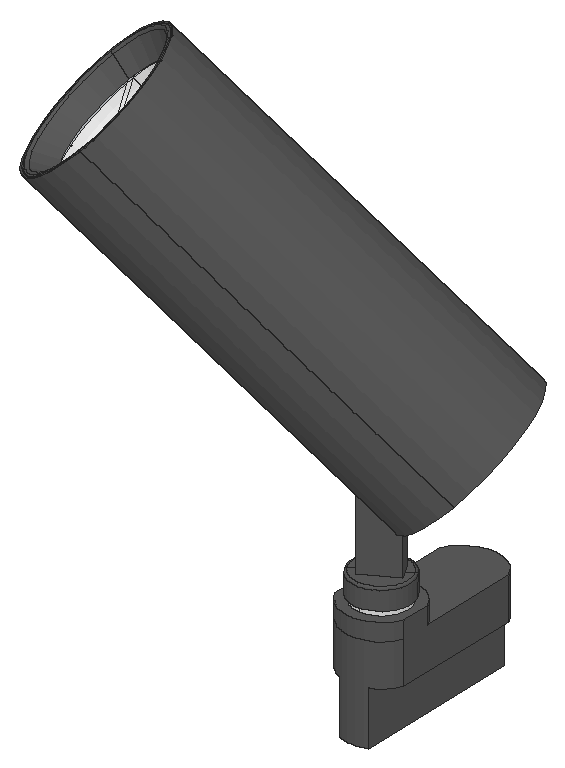
Revit family "0005443", category Lighting Fixtures, host Face, Revit 2017 (continued)
Definition of nested family "START Track Spot Integral Head"
  Types (3, lengths in mm): name | Photometric Web File | built-in parameter 1150142
    0005443 - 36 | "0005443_36.ies" | "IESNA:LM-63-2002\r\n[TEST] 202010557\r\n[TESTLAB] \r\n[TESTDATE] 26 May 2020\r\n[ISSUEDATE] 26 May 2020\r\n[MANUFAC] Sylvania\r\n[LUMCAT] 202010557\r\n[LUMINAIRE] FT1080-B-3000£¨36¡ã£©\r\n[FLASHAREA] 0.000985\r\n[LAMPCAT] 202010557\r\n[LAMP] LED 32W - 30.82 W\r\nTILT=NONE\r\n1 2575.20 1.0 181 4 1 2 -0.072 -0.072 0.000\r\n1.00 1.00 30.82\r\n0.00 1.00 2.00 3.00 4.00 5.00 6.00 7.00 8.00 9.00 10.00 \r\n11.00 12.00 13.00 14.00 15.00 16.00 17.00 18.00 19.00 \r\n20.00 21.00 22.00 23.00 24.00 25.00 26.00 27.00 28.00 \r\n29.00 30.00 31.00 32.00 33.00 34.00 35.00 36.00 37.00 \r\n38.00 39.00 40.00 41.00 42.00 43.00 44.00 45.00 46.00 \r\n47.00 48.00 49.00 50.00 51.00 52.00 53.00 54.00 55.00 \r\n56.00 57.00 58.00 59.00 60.00 61.00 62.00 63.00 64.00 \r\n65.00 66.00 67.00 68.00 69.00 70.00 71.00 72.00 73.00 \r\n74.00 75.00 76.00 77.00 78.00 79.00 80.00 81.00 82.00 \r\n83.00 84.00 85.00 86.00 87.00 88.00 89.00 90.00 91.00 \r\n92.00 93.00 94.00 95.00 96.00 97.00 98.00 99.00 100.00 \r\n101.00 102.00 103.00 104.00 105.00 106.00 107.00 108.00 \r\n109.00 110.00 111.00 112.00 113.00 114.00 115.00 116.00 \r\n117.00 118.00 119.00 120.00 121.00 122.00 123.00 124.00 \r\n125.00 126.00 127.00 128.00 129.00 130.00 131.00 132.00 \r\n133.00 134.00 135.00 136.00 137.00 138.00 139.00 140.00 \r\n141.00 142.00 143.00 144.00 145.00 146.00 147.00 148.00 \r\n149.00 150.00 151.00 152.00 153.00 154.00 155.00 156.00 \r\n157.00 158.00 159.00 160.00 161.00 162.00 163.00 164.00 \r\n165.00 166.00 167.00 168.00 169.00 170.00 171.00 172.00 \r\n173.00 174.00 175.00 176.00 177.00 178.00 179.00 180.00 \r\n0.00 30.00 60.00 90.00 \r\n6235.57 6297.02 6270.62 6213.64 6137.07 6033.11 5901.19 \r\n5734.91 5543.58 5333.97 5099.97 4855.83 4594.24 4337.76 \r\n4070.12 3787.01 3504.39 3229.68 2961.17 2703.88 2456.30 \r\n2220.12 1984.67 1773.16 1568.28 1372.08 1202.80 1050.29 \r\n910.21 790.10 680.40 579.74 495.41 421.76 359.08 300.62 \r\n253.15 214.36 181.93 156.20 132.78 116.13 101.55 89.92 \r\n81.20 74.03 68.63 64.34 61.05 58.52 56.31 54.20 52.42 \r\n50.71 49.08 47.47 45.91 44.50 42.79 40.79 38.65 36.55 \r\n34.43 32.39 30.28 28.23 26.14 23.95 21.73 19.51 17.34 \r\n15.10 12.99 10.79 8.49 6.78 5.51 4.39 3.35 2.33 1.43 0.64 \r\n0.27 0.03 0.01 0.01 0.01 0.01 0.01 0.01 0.01 0.01 0.01 \r\n0.01 0.02 0.01 0.01 0.01 0.01 0.01 0.02 0.02 0.02 0.02 \r\n0.02 0.02 0.02 0.02 0.02 0.02 0.02 0.00 0.00 0.00 0.00 \r\n0.00 0.00 0.00 0.00 0.00 0.00 0.00 0.00 0.00 0.00 0.00 \r\n0.00 0.00 0.00 0.00 0.00 0.00 0.00 0.00 0.00 0.00 0.00 \r\n0.00 0.00 0.00 0.00 0.00 0.00 0.00 0.00 0.00 0.00 0.00 \r\n0.00 0.00 0.00 0.00 0.00 0.00 0.00 0.00 0.00 0.00 0.00 \r\n0.00 0.00 0.00 0.00 0.00 0.00 0.00 0.00 0.00 0.00 0.00 \r\n0.00 0.00 0.00 0.00 0.00 0.00 0.00 0.00 0.00 0.00 0.00 \r\n6235.57 6255.03 6224.68 6173.76 6100.85 5996.27 5862.40 \r\n5701.06 5510.41 5300.62 5071.97 4827.48 4569.46 4309.75 \r\n4040.25 3761.82 3493.01 3220.41 2951.63 2692.75 2445.72 \r\n2210.63 1983.66 1771.73 1566.51 1380.09 1213.91 1062.14 \r\n928.31 802.19 691.28 592.87 508.10 434.92 367.46 312.42 \r\n263.59 220.91 187.33 159.44 135.80 116.86 102.09 90.44 \r\n80.64 73.41 68.26 63.83 60.70 58.17 56.13 54.33 52.60 \r\n50.87 49.26 47.70 46.12 44.54 42.85 40.87 38.74 36.45 \r\n34.29 32.18 30.05 27.94 25.81 23.64 21.50 19.31 17.14 \r\n15.01 12.89 10.73 8.57 6.80 5.50 4.36 3.32 2.33 1.45 0.75 \r\n0.29 0.10 0.02 0.01 0.01 0.01 0.01 0.01 0.01 0.01 0.01 \r\n0.01 0.01 0.01 0.01 0.01 0.01 0.01 0.02 0.02 0.02 0.02 \r\n0.02 0.02 0.02 0.02 0.02 0.02 0.02 0.00 0.00 0.00 0.00 \r\n0.00 0.00 0.00 0.00 0.00 0.00 0.00 0.00 0.00 0.00 0.00 \r\n0.00 0.00 0.00 0.00 0.00 0.00 0.00 0.00 0.00 0.00 0.00 \r\n0.00 0.00 0.00 0.00 0.00 0.00 0.00 0.00 0.00 0.00 0.00 \r\n0.00 0.00 0.00 0.00 0.00 0.00 0.00 0.00 0.00 0.00 0.00 \r\n0.00 0.00 0.00 0.00 0.00 0.00 0.00 0.00 0.00 0.00 0.00 \r\n0.00 0.00 0.00 0.00 0.00 0.00 0.00 0.00 0.00 0.00 0.00 \r\n6235.57 6237.15 6206.04 6158.21 6082.88 5976.81 5843.68 \r\n5678.91 5495.58 5291.14 5065.70 4822.95 4570.73 4312.17 \r\n4045.79 3771.00 3498.82 3229.70 2962.21 2706.05 2460.09 \r\n2225.38 2000.50 1786.80 1589.86 1402.51 1233.81 1083.47 \r\n946.23 821.98 708.77 609.27 524.20 448.49 383.72 323.04 \r\n273.37 231.19 197.20 167.44 143.82 124.83 108.57 95.65 \r\n85.73 77.88 71.87 67.10 63.52 60.56 58.20 56.15 54.24 \r\n52.31 50.42 48.60 46.79 45.01 43.16 40.98 38.81 36.43 \r\n34.22 32.06 29.92 27.79 25.64 23.49 21.36 19.21 17.09 \r\n14.95 12.84 10.66 8.58 6.90 5.60 4.46 3.40 2.39 1.50 0.81 \r\n0.31 0.09 0.02 0.01 0.01 0.01 0.01 0.01 0.01 0.01 0.01 \r\n0.01 0.01 0.01 0.01 0.01 0.01 0.01 0.01 0.01 0.01 0.02 \r\n0.02 0.02 0.02 0.02 0.02 0.02 0.02 0.00 0.00 0.00 0.00 \r\n0.00 0.00 0.00 0.00 0.00 0.00 0.00 0.00 0.00 0.00 0.00 \r\n0.00 0.00 0.00 0.00 0.00 0.00 0.00 0.00 0.00 0.00 0.00 \r\n0.00 0.00 0.00 0.00 0.00 0.00 0.00 0.00 0.00 0.00 0.00 \r\n0.00 0.00 0.00 0.00 0.00 0.00 0.00 0.00 0.00 0.00 0.00 \r\n0.00 0.00 0.00 0.00 0.00 0.00 0.00 0.00 0.00 0.00 0.00 \r\n0.00 0.00 0.00 0.00 0.00 0.00 0.00 0.00 0.00 0.00 0.00 \r\n6235.57 6224.92 6193.86 6146.70 6073.13 5968.38 5835.28 \r\n5668.31 5485.13 5282.55 5061.44 4823.58 4574.35 4318.85 \r\n4053.79 3781.75 3508.05 3233.50 2969.25 2711.43 2464.48 \r\n2229.31 2004.08 1787.34 1583.81 1400.28 1234.37 1082.18 \r\n943.61 817.39 704.00 607.26 522.11 449.12 383.02 328.54 \r\n276.50 235.53 200.61 172.99 148.94 129.93 113.23 100.64 \r\n90.64 81.70 74.88 69.79 65.72 62.41 59.55 57.24 54.97 \r\n52.76 50.69 48.80 46.92 45.12 43.30 41.21 39.01 36.78 \r\n34.59 32.39 30.24 28.06 25.93 23.76 21.57 19.40 17.22 \r\n15.04 12.85 10.67 8.50 6.72 5.43 4.31 3.25 2.27 1.38 0.67 \r\n0.24 0.09 0.01 0.01 0.01 0.01 0.00 0.00 0.00 0.00 0.00 \r\n0.00 0.00 0.01 0.01 0.00 0.01 0.01 0.01 0.01 0.01 0.01 \r\n0.01 0.01 0.01 0.02 0.03 0.02 0.03 0.00 0.00 0.00 0.00 \r\n0.00 0.00 0.00 0.00 0.00 0.00 0.00 0.00 0.00 0.00 0.00 \r\n0.00 0.00 0.00 0.00 0.00 0.00 0.00 0.00 0.00 0.00 0.00 \r\n0.00 0.00 0.00 0.00 0.00 0.00 0.00 0.00 0.00 0.00 0.00 \r\n0.00 0.00 0.00 0.00 0.00 0.00 0.00 0.00 0.00 0.00 0.00 \r\n0.00 0.00 0.00 0.00 0.00 0.00 0.00 0.00 0.00 0.00 0.00 \r\n0.00 0.00 0.00 0.00 0.00 0.00 0.00 0.00 0.00 0.00 0.00 \r\n"
    0005443 - 54 | "0005443_54.ies" | "IESNA:LM-63-2002\r\n[TEST] 202010557\r\n[TESTLAB] \r\n[TESTDATE] 26 May 2020\r\n[ISSUEDATE] 26 May 2020\r\n[MANUFAC] Sylvania\r\n[LUMCAT] 202010557\r\n[LUMINAIRE] FT1080-B-3000£¨54¡ã£©\r\n[FLASHAREA] 0.000985\r\n[LAMPCAT] 202010557\r\n[LAMP] LED 32W - 30.77 W\r\nTILT=NONE\r\n1 2768.50 1.0 181 4 1 2 -0.072 -0.072 0.000\r\n1.00 1.00 30.77\r\n0.00 1.00 2.00 3.00 4.00 5.00 6.00 7.00 8.00 9.00 10.00 \r\n11.00 12.00 13.00 14.00 15.00 16.00 17.00 18.00 19.00 \r\n20.00 21.00 22.00 23.00 24.00 25.00 26.00 27.00 28.00 \r\n29.00 30.00 31.00 32.00 33.00 34.00 35.00 36.00 37.00 \r\n38.00 39.00 40.00 41.00 42.00 43.00 44.00 45.00 46.00 \r\n47.00 48.00 49.00 50.00 51.00 52.00 53.00 54.00 55.00 \r\n56.00 57.00 58.00 59.00 60.00 61.00 62.00 63.00 64.00 \r\n65.00 66.00 67.00 68.00 69.00 70.00 71.00 72.00 73.00 \r\n74.00 75.00 76.00 77.00 78.00 79.00 80.00 81.00 82.00 \r\n83.00 84.00 85.00 86.00 87.00 88.00 89.00 90.00 91.00 \r\n92.00 93.00 94.00 95.00 96.00 97.00 98.00 99.00 100.00 \r\n101.00 102.00 103.00 104.00 105.00 106.00 107.00 108.00 \r\n109.00 110.00 111.00 112.00 113.00 114.00 115.00 116.00 \r\n117.00 118.00 119.00 120.00 121.00 122.00 123.00 124.00 \r\n125.00 126.00 127.00 128.00 129.00 130.00 131.00 132.00 \r\n133.00 134.00 135.00 136.00 137.00 138.00 139.00 140.00 \r\n141.00 142.00 143.00 144.00 145.00 146.00 147.00 148.00 \r\n149.00 150.00 151.00 152.00 153.00 154.00 155.00 156.00 \r\n157.00 158.00 159.00 160.00 161.00 162.00 163.00 164.00 \r\n165.00 166.00 167.00 168.00 169.00 170.00 171.00 172.00 \r\n173.00 174.00 175.00 176.00 177.00 178.00 179.00 180.00 \r\n0.00 30.00 60.00 90.00 \r\n3396.10 3402.96 3408.02 3416.13 3419.21 3418.75 3412.46 \r\n3404.81 3391.79 3369.08 3341.13 3307.03 3261.65 3211.71 \r\n3155.72 3096.53 3033.69 2959.88 2878.82 2790.42 2691.91 \r\n2586.88 2470.26 2346.25 2208.99 2066.21 1926.51 1781.23 \r\n1635.52 1498.26 1360.30 1219.42 1085.77 956.27 828.83 \r\n716.03 613.36 515.68 433.22 362.97 298.49 250.45 211.38 \r\n179.06 154.79 133.25 116.87 103.74 92.87 83.92 76.02 \r\n69.42 63.67 58.44 53.91 49.97 46.41 43.14 40.12 37.28 \r\n34.70 32.40 30.17 27.44 24.47 22.38 20.39 18.70 17.12 \r\n15.64 14.28 12.95 11.70 10.48 9.11 7.31 5.42 4.32 3.35 \r\n2.40 1.57 0.80 0.24 0.03 0.02 0.01 0.01 0.01 0.01 0.01 \r\n0.01 0.01 0.01 0.01 0.01 0.01 0.01 0.01 0.01 0.01 0.01 \r\n0.01 0.01 0.02 0.02 0.02 0.02 0.03 0.03 0.03 0.03 0.00 \r\n0.00 0.00 0.00 0.00 0.00 0.00 0.00 0.00 0.00 0.00 0.00 \r\n0.00 0.00 0.00 0.00 0.00 0.00 0.00 0.00 0.00 0.00 0.00 \r\n0.00 0.00 0.00 0.00 0.00 0.00 0.00 0.00 0.00 0.00 0.00 \r\n0.00 0.00 0.00 0.00 0.00 0.00 0.00 0.00 0.00 0.00 0.00 \r\n0.00 0.00 0.00 0.00 0.00 0.00 0.00 0.00 0.00 0.00 0.00 \r\n0.00 0.00 0.00 0.00 0.00 0.00 0.00 0.00 0.00 0.00 0.00 \r\n0.00 0.00 0.00 \r\n3396.10 3391.78 3397.89 3405.89 3409.20 3411.29 3410.58 \r\n3402.73 3385.59 3363.84 3336.58 3302.38 3256.68 3203.56 \r\n3149.76 3090.12 3027.73 2953.83 2873.43 2783.12 2685.84 \r\n2577.76 2462.07 2338.17 2203.18 2062.04 1918.91 1776.14 \r\n1635.75 1492.92 1356.13 1218.84 1082.72 952.06 830.09 \r\n716.56 609.95 518.54 434.12 363.40 302.36 251.64 212.29 \r\n181.70 156.42 135.47 119.02 105.47 94.33 85.11 77.38 \r\n70.75 64.93 59.84 55.35 51.23 47.53 44.17 41.09 37.94 \r\n35.26 32.70 30.33 27.66 24.59 22.52 20.53 18.72 17.11 \r\n15.62 14.25 12.93 11.65 10.39 8.95 7.17 5.57 4.34 3.35 \r\n2.39 1.53 0.78 0.27 0.05 0.01 0.02 0.01 0.01 0.01 0.01 \r\n0.01 0.01 0.01 0.01 0.01 0.01 0.02 0.02 0.02 0.02 0.02 \r\n0.02 0.02 0.02 0.02 0.02 0.02 0.02 0.02 0.03 0.03 0.00 \r\n0.00 0.00 0.00 0.00 0.00 0.00 0.00 0.00 0.00 0.00 0.00 \r\n0.00 0.00 0.00 0.00 0.00 0.00 0.00 0.00 0.00 0.00 0.00 \r\n0.00 0.00 0.00 0.00 0.00 0.00 0.00 0.00 0.00 0.00 0.00 \r\n0.00 0.00 0.00 0.00 0.00 0.00 0.00 0.00 0.00 0.00 0.00 \r\n0.00 0.00 0.00 0.00 0.00 0.00 0.00 0.00 0.00 0.00 0.00 \r\n0.00 0.00 0.00 0.00 0.00 0.00 0.00 0.00 0.00 0.00 0.00 \r\n0.00 0.00 0.00 \r\n3396.10 3394.03 3400.96 3410.24 3413.72 3414.71 3410.89 \r\n3402.73 3390.22 3371.39 3342.67 3307.50 3261.63 3208.94 \r\n3151.24 3093.02 3027.91 2956.75 2873.36 2782.25 2684.52 \r\n2576.45 2460.06 2335.52 2201.14 2062.32 1922.15 1782.01 \r\n1642.09 1504.39 1364.36 1224.65 1089.80 957.94 832.21 \r\n714.55 608.32 512.55 429.36 357.26 295.97 247.72 209.90 \r\n179.65 154.89 133.98 118.11 104.68 94.04 85.06 77.66 \r\n71.17 65.67 60.71 56.24 52.21 48.56 45.16 42.14 39.31 \r\n36.69 34.21 31.71 28.73 25.38 23.09 21.01 19.11 17.43 \r\n15.90 14.46 13.11 11.80 10.49 9.04 7.27 5.59 4.35 3.35 \r\n2.38 1.51 0.78 0.27 0.05 0.01 0.01 0.01 0.01 0.01 0.01 \r\n0.01 0.01 0.00 0.00 0.00 0.00 0.01 0.01 0.01 0.01 0.01 \r\n0.01 0.02 0.01 0.02 0.02 0.02 0.03 0.03 0.03 0.04 0.00 \r\n0.00 0.00 0.00 0.00 0.00 0.00 0.00 0.00 0.00 0.00 0.00 \r\n0.00 0.00 0.00 0.00 0.00 0.00 0.00 0.00 0.00 0.00 0.00 \r\n0.00 0.00 0.00 0.00 0.00 0.00 0.00 0.00 0.00 0.00 0.00 \r\n0.00 0.00 0.00 0.00 0.00 0.00 0.00 0.00 0.00 0.00 0.00 \r\n0.00 0.00 0.00 0.00 0.00 0.00 0.00 0.00 0.00 0.00 0.00 \r\n0.00 0.00 0.00 0.00 0.00 0.00 0.00 0.00 0.00 0.00 0.00 \r\n0.00 0.00 0.00 \r\n3396.10 3399.84 3403.94 3410.26 3414.41 3417.06 3415.13 \r\n3410.61 3393.31 3374.66 3347.61 3313.30 3267.01 3216.46 \r\n3153.79 3092.79 3029.47 2959.19 2875.08 2785.78 2687.18 \r\n2580.35 2460.89 2337.08 2204.62 2066.22 1927.14 1784.85 \r\n1645.96 1507.89 1366.39 1227.65 1093.03 963.84 837.76 \r\n719.78 609.77 511.72 425.41 357.05 293.28 246.75 209.64 \r\n178.82 152.32 132.09 116.53 103.62 93.34 84.83 77.52 \r\n71.30 65.81 60.96 56.53 52.61 48.96 45.50 42.46 39.61 \r\n36.98 34.48 32.19 28.70 25.59 23.19 21.11 19.22 17.52 \r\n15.95 14.49 13.15 11.80 10.50 9.00 7.24 5.47 4.33 3.32 \r\n2.35 1.48 0.76 0.25 0.04 0.01 0.01 0.00 0.00 0.00 0.00 \r\n0.00 0.00 0.00 0.00 0.00 0.00 0.00 0.00 0.00 0.00 0.01 \r\n0.01 0.01 0.01 0.02 0.02 0.02 0.02 0.02 0.02 0.03 0.00 \r\n0.00 0.00 0.00 0.00 0.00 0.00 0.00 0.00 0.00 0.00 0.00 \r\n0.00 0.00 0.00 0.00 0.00 0.00 0.00 0.00 0.00 0.00 0.00 \r\n0.00 0.00 0.00 0.00 0.00 0.00 0.00 0.00 0.00 0.00 0.00 \r\n0.00 0.00 0.00 0.00 0.00 0.00 0.00 0.00 0.00 0.00 0.00 \r\n0.00 0.00 0.00 0.00 0.00 0.00 0.00 0.00 0.00 0.00 0.00 \r\n0.00 0.00 0.00 0.00 0.00 0.00 0.00 0.00 0.00 0.00 0.00 \r\n0.00 0.00 0.00 \r\n"
  Reference planes
    plane 1 "Center (Front/Back)": y = 0
    plane 2: z = 0
    plane 3 "Center (Left/Right)": x = 0
    plane 4: x = 40
    plane 5: z = 16.8
    plane 6: z = -183.2
    plane 7: x = 39
    plane 8: x = 30.5
    plane 9: x = 16.5
    plane 10: z = -172.575
    plane 11: z = -151.95
    plane 12: z = -11.2
    plane 13: x = 38
    plane 14: x = 34.25
    plane 15: z = -170.575
    plane 16: z = -149.95
    plane 17: z = -1
    plane 18: x = 4.75
    plane 19: x = -4.75
    plane 20: y = -40
    plane 21: y = -21
    plane 22: x = 37
    plane 23: y = -30.5
  Forms (mm)
    Extrusion 1, solid
      sketch origin (4.2, 0, 0) x (1, 0, 0) y (0, 1, 0)
        loop
          line (-1219.2, 1219.2) -> (-1219.2, -1219.2) -> (1219.2, -1219.2) -> (1219.2, 1219.2) -> (-1219.2, 1219.2)
      from 0 to -68.017
    Revolve 2, solid, material <- "Material_1_SYL"
      sketch origin (0, 0, 0) x (1, 0, 0) y (0, 0, 1)
        loop
          line (40, -183.2) -> (40, 16.8) -> (39, 16.8) -> (39, -183.2) -> (40, -183.2)
        axis (0, 16.8) -> (0, -183.2)
      angle from 360 to 0
    Revolve 3, solid, material <- "Material_1_SYL"
      sketch origin (0, 0, 0) x (1, 0, 0) y (0, 0, 1)
        loop
          line (39, 16.8) -> (38, 16.8)
          arc (38, 16.8) -> (34.25, 15.673) -> (30.5, 16.8) r 6.804
          line (30.5, 16.8) -> (0, 16.8) -> (0, -11.2) -> (39, -11.2) -> (39, 16.8)
        axis (0, 16.8) -> (0, -11.2)
      angle from 360 to 0
    Revolve 4, solid, material <- "Material_2_SYL"
      sketch origin (0, 0, 0) x (1, 0, 0) y (0, 0, 1)
        loop
          line (39, -170.575) -> (0, -170.575) -> (0, -172.575) -> (39, -172.575) -> (39, -170.575)
        axis (0, -170.575) -> (0, -172.575)
      angle from 360 to 0
    Revolve 5, solid
      sketch origin (0, 0, 0) x (1, 0, 0) y (0, 0, 1)
        loop
          line (0, -151.95) -> (16.5, -151.95)
          arc (16.5, -151.95) -> (29.364, -157.461) -> (34.25, -170.575) r 17.771
          line (34.25, -170.575) -> (39, -170.575) -> (39, -149.95) -> (0, -149.95) -> (0, -151.95)
        axis (0, -149.95) -> (0, -170.575)
      angle from 360 to 0
    Extrusion 6, void
      sketch origin (1524, -40, 1219.2) x (-1, 0, 0) y (0, 0, 1)
        loop
          line (1528.75, -1230.4) -> (1528.75, -1202.4) -> (1519.25, -1202.4) -> (1519.25, -1230.4) -> (1528.75, -1230.4)
      from 0 to 19
    Revolve 7, solid, material <- "Material_1_SYL"
      sketch origin (0, 0, 0) x (1, 0, 0) y (0, 0, 1)
        loop
          line (30.5, -172.575) -> (36.506, -182.393)
          arc (36.506, -182.393) -> (37.019, -182.981) -> (37.767, -183.2) r 1.388
          line (37.767, -183.2) -> (39, -183.2) -> (39, -172.575) -> (30.5, -172.575)
        axis (0, -172.575) -> (0, -183.2)
      angle from 360 to 0
  Cuts and joins
    Extrusion 6 cuts Revolve 3
    Extrusion 6 cuts Revolve 2
  Lines and regions (mm)
    reference lines
      curve 1: arc (30.5, 0, 16.8) -> (34.25, 0, 15.673) -> (38, 0, 16.8) r 6.804
      curve 2: line (30.5, 0, -172.575) -> (37, 0, -183.2)
  Dimensions and locks
    "RadiusHead_SYL": plane 4 to plane 3 "Center (Left/Right)"
    "DistRotateAxisY_SYL": plane 5 to plane 2
    "Height_SYL": plane 5 to plane 6
    locked: plane 4 to plane 7 at 1
    "RadiusLensOut_SYL": plane 8 to plane 3 "Center (Left/Right)"
    "RadiusEmission_SYL": plane 9 to plane 3 "Center (Left/Right)"
    "DepthLens_SYL": plane 10 to plane 6
    "DepthEmission_SYL": plane 11 to plane 6
    locked: plane 5 to plane 12 at 28
    locked: plane 4 to plane 13 at 2
    equal spacing: plane 13, plane 14, plane 8
    locked: plane 5 to curve 1 at 1.127
    locked: plane 15 to plane 10 at 2
    locked: plane 16 to plane 11 at 2
    locked: plane 2 to plane 17 at 1
    equal spacing: plane 18, plane 3 "Center (Left/Right)", plane 19
    "WidthCutOut_SYL": plane 18 to plane 19
    "RadiusHead_SYL": plane 20 to plane 1 "Center (Front/Back)"
    "DepthCutOut_SYL": plane 20 to plane 21
    locked: plane 4 to plane 22 at 3
    equal spacing: plane 20, plane 23, plane 21
    aligned and locked: plane 2 to Extrusion 1
    aligned and locked: level to Extrusion 1
    aligned and locked: plane 8 to curve 1
    aligned and locked: plane 13 to curve 1
    aligned and locked: plane 14 to curve 1
    aligned and locked: plane 5 to curve 1
    aligned and locked: Revolve 2 sketch curve to plane 3 "Center (Left/Right)"
    aligned and locked: Revolve 2 sketch curve to plane 6
    aligned and locked: Revolve 2 sketch curve to plane 4
    aligned and locked: plane 5 to Revolve 2 sketch curve
    aligned and locked: plane 7 to Revolve 2 sketch curve
    aligned and locked: Revolve 3 sketch curve to plane 3 "Center (Left/Right)"
    aligned and locked: Revolve 3 sketch curve to Revolve 2  (x3)
    aligned and locked: Revolve 3 sketch curve to plane 12
    aligned and locked: plane 3 "Center (Left/Right)" to Revolve 3 sketch curve
    aligned and locked: Revolve 3 sketch curve to curve 1
    aligned and locked: plane 5 to Revolve 3 sketch curve
    aligned and locked: Revolve 4 sketch curve to plane 3 "Center (Left/Right)"  (x2)
    aligned and locked: Revolve 4 sketch curve to plane 15
    aligned and locked: plane 7 to Revolve 4 sketch curve
    aligned and locked: Revolve 5 sketch curve to plane 3 "Center (Left/Right)"  (x2)
    aligned and locked: plane 3 "Center (Left/Right)" to Revolve 5 sketch curve
    aligned and locked: plane 9 to Revolve 5 sketch curve
    aligned and locked: plane 11 to Revolve 5 sketch curve
    aligned and locked: plane 14 to Revolve 5 sketch curve
    aligned and locked: plane 15 to Revolve 5 sketch curve
    aligned and locked: plane 12 to Extrusion 6 sketch curve
    aligned and locked: Extrusion 6 sketch curve to plane 19
    aligned and locked: Extrusion 6 sketch curve to plane 5
    aligned and locked: plane 18 to Extrusion 6 sketch curve
    aligned and locked: Extrusion 6 to plane 21
    aligned and locked: plane 20 to Extrusion 6
    aligned and locked: plane 10 to curve 2
    aligned and locked: plane 22 to curve 2
    aligned and locked: Revolve 7 sketch curve to plane 3 "Center (Left/Right)"
    aligned and locked: plane 10 to Revolve 7 sketch curve
    aligned and locked: Revolve 7 sketch curve to Revolve 4
    aligned and locked: Revolve 7 sketch curve to curve 2
    aligned and locked: plane 3 "Center (Left/Right)" to imposter light
    aligned and locked: imposter light to plane 1 "Center (Front/Back)"
    aligned and locked: imposter light to plane 10
  Automatic sketch dimensions
    Extrusion 1 sketch curve to Extrusion 1 sketch curve = 2438.4 mm  (x2)
    plane 6 to Revolve 2 sketch curve = 487.1 mm
    Revolve 2 sketch curve to plane 5 = 2571.558 mm
    plane 6 to Revolve 3 sketch curve = 487.1 mm
    Revolve 3 sketch curve to Revolve 3 sketch curve = 2566.685 mm
    plane 6 to Revolve 4 sketch curve = 487.1 mm
    Revolve 4 sketch curve to plane 5 = 2571.558 mm
    Revolve 5 sketch curve to plane 11 = 2 mm
    plane 6 to Revolve 5 sketch curve = 487.1 mm
    Revolve 5 sketch curve to plane 5 = 2571.558 mm
    Revolve 5 sketch curve to plane 7 = 0 mm
    Revolve 4 sketch curve to plane 10 = 0 mm
    curve 2 to plane 8 = 0 mm
    curve 1 to plane 14 = 0 mm
    curve 2 to plane 6 = 0 mm
    curve 1 to plane 13 = 0 mm
    Revolve 7 sketch curve to plane 6 = 0 mm
    Revolve 7 sketch curve to plane 22 = 0.494 mm
    Revolve 7 sketch curve to plane 13 = 0.233 mm
    plane 6 to Revolve 7 sketch curve = 474.6 mm
    Revolve 7 sketch curve to plane 5 = 2584.058 mm
Types (3, lengths in mm): name | TypeHead_SYL
  0005443 PIXO MEDIUM 2800LM 930 NB MB WB BLK - 24 degree | START Track Spot Integral Head : 0005443 - 24
  0005443 PIXO MEDIUM 2800LM 930 NB MB WB BLK - 36 degree | START Track Spot Integral Head : 0005443 - 36
  0005443 PIXO MEDIUM 2800LM 930 NB MB WB BLK - 54 degree | START Track Spot Integral Head : 0005443 - 54
